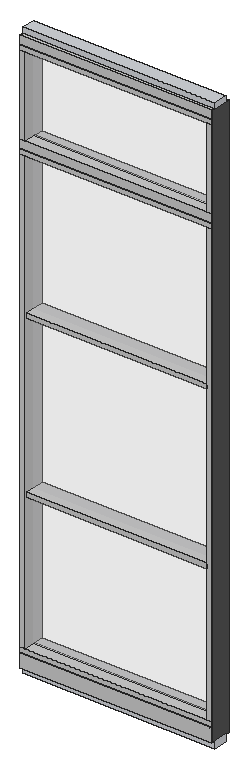
Revit family "Haworth_Enclose_Wall_GlassTransom", category Furniture Systems, Revit 2018
Family settings
  Round Connector Dimension = Use Diameter
  Part Type = Normal
  OmniClass Number = 23.25.40.14
  OmniClass Title = Demountable Partitions
  Work Plane-Based = No
  Always vertical = Yes
  Cut with Voids When Loaded = No
  Shared = Yes
  Room Calculation Point = No
Parameters (values of type "36" x 108"")
  Warranty = "http://www.haworth.com/resources/product-info/warranties"
  URL - Product = "http://www.haworth.com/products/architectural-interiors/moveable-walls/enclose"
  Type Comments = ""
  Sustainability Info = "http://www.haworth.com/company-info/sustainablility"
  Model = "Haworth - Enclose"  # constant formula
  Glass Finish = Haworth _ Glass _ Clear
  Frame Finish = Haworth _ Metal _ Brushed Aluminum
  End of Run Finish = Haworth _ Polymer _ Black
  Description = "Wall Glass Transom"  # constant formula
  Ceiling Mount = yes
  Panel Height 2 = Actual Height - Actual Glass Panel Height - Horizontal Transom Frame Width - Horizontal Top Adjuster Width - Horizontal Frame Width  # 14"
  Material Options = "http://surfaces.haworth.com/haworth-surface-collection"
  Width = 36"
  Vertical Frame Width = 0.875"  # constant formula
  URL = "www.haworth.com"
  Size = "Verify Final Dim. w/ Haworth"  # constant formula
  Revision Number = "3"  # constant formula
  Panel Width = Actual Width - (2 * Vertical Frame Width) - (2 * End of Run Width)  # 33.94"
  Panel Height 1 = Actual Glass Panel Height - Horizontal Bottom Adjuster Width - Horizontal Frame Width  # 83.255"
  Panel Depth = 0.4"  # constant formula
  Muntin Width = 0.875"  # constant formula
  Min/Max Width = "8-60 in."  # constant formula
  Min/Max Height = "92-144 in."  # constant formula
  Min. Spacing Between Muntins = 8"  # constant formula
  Muntin Note = "Bottom Muntin is Muntin 1"  # constant formula
  Horizontal Transom Frame Width = 2.5"  # constant formula
  Horizontal Top Trim Width = 1.43"  # constant formula
  Horizontal Top Adjuster Width = Cap Height + Horizontal Top Trim Width + 0.195"  # 2.625"
  Horizontal Bottom Adjuster Width = Base Height + Horizontal Bottom Trim Width + 0.195"  # 3.87"
  Glass Offset = Horizontal Bottom Adjuster Width + Horizontal Frame Width  # 4.745"
  Min. Width = 8"  # constant formula
  Max. Width = 60"  # constant formula
  Min. Height = 92"  # constant formula
  Max. Height = 144"  # constant formula
  Manufacturer = "Haworth"  # constant formula
  Horizontal Frame Width = 0.875"  # constant formula
  Horizontal Bottom Trim Width = 2.425"  # constant formula
  Height = 108"
  End of Run Width = 0.155"  # constant formula
  Frame Depth = 4"  # constant formula
  End of Run Right Width [instance] = if(End of Run Right, 1.845", End of Run Width)  # 0.155"
  End of Run Right [instance] = no
  End of Run Left Width [instance] = if(End of Run Left, 1.845", End of Run Width)  # 0.155"
  End of Run Left [instance] = no
  Cap Height = 1"  # constant formula
  Base Height = 1.25"  # constant formula
  Author = "SHAPE Environments, LLC"  # constant formula
  Assembly Code = "C1010200"
  Actual Width = if(Width < Min. Width, Min. Width, if(Width > Max. Width, Max. Width, Width))  # 36"
  Actual Height = if(Height < Min. Height, Min. Height, if(Height > Max. Height, Max. Height, Height))  # 108"
  Actual AFF Muntin 2 = if(AFF Muntin 2 < Actual AFF Muntin 1 + 8", Actual AFF Muntin 1 + 8", if(and(# of Muntins = 2, AFF Muntin 2 > Actual Glass Panel Height - (Muntin Width) - 8"), Actual Glass Panel Height - (Muntin Width) - 8", AFF Muntin 2))  # 60"
  Actual AFF Muntin 1 = if(AFF Muntin 1 < Horizontal Bottom Adjuster Width + 8", Horizontal Bottom Adjuster Width + 8", if(and(# of Muntins = 2, AFF Muntin 1 > Actual Glass Panel Height - (Muntin Width) - 16"), Actual Glass Panel Height - (Muntin Width) - 16", if(and(# of Muntins = 1, AFF Muntin 1 > Actual Glass Panel Height - (Muntin Width) - 8"), Actual Glass Panel Height - (Muntin Width) - 8", AFF Muntin 1)))  # 30"
  Actual # of Muntins = if(# of Muntins > Max # of Muntins, Max # of Muntins, # of Muntins)  # 2
  AFF Muntin 2 = 60"
  AFF Muntin 1 = 30"
  Max # of Muntins = 2  # constant formula
  Transom Panel Height = Actual Height - Actual Glass Panel Height  # 20"
  Glass Panel Height = 88"
  Actual Glass Panel Height = if(Glass Panel Height < 80.59" + Base Height, 80.59" + Base Height, if(Glass Panel Height > Actual Height - Cap Height - 8", Actual Height - Cap Height - 8", Glass Panel Height))  # 88"
  # of Muntins = 2
  Too Many Muntins = or(and(Actual # of Muntins = 0, # of Muntins > 0), (# of Muntins > 2))  # no
Types (7): name | Width | Panel Width | Actual Width
  36" x 108" | 36" | 33.94" | 36"
  24" x 108" | 24" | 21.94" | 24"
  30" x 108" | 30" | 27.94" | 30"
  42" x 108" | 42" | 39.94" | 42"
  48" x 108" | 48" | 45.94" | 48"
  54" x 108" | 54" | 51.94" | 54"
  60" x 108" | 60" | 57.94" | 60"
Reference planes (in)
  plane 1 "Center F/B": y = -0.17786
  plane 2: z = 0
  plane 3 "Center L/R": x = -2.36364
  plane 4 "Left": x = -20.36364
  plane 5 "Right": x = 15.63636
  plane 6 "Top": z = 108
  plane 7 "Back": y = 1.82214
  plane 8 "Front": y = -2.17786
  plane 9 "Left Frame Outside": x = -20.20864
  plane 10 "Left Frame Inside": x = -19.33364
  plane 11 "Right Frame Outside": x = 15.48136
  plane 12 "Right Frame Inside": x = 14.60636
  plane 13 "End of Run Right": x = 15.63636
  plane 14 "End of Run Left": x = -20.36364
  plane 15 "Top Frame Outside": z = 105.375
  plane 16 "Top Trim Outside": z = 107
  plane 17 "Top Frame Inside": z = 104.5
  plane 18 "Bottom Frame Outside": z = 3.87
  plane 19 "Bottom Adjuster": z = 1.25
  plane 20 "Bottom Frame Inside": z = 4.745
  plane 21 "Transition Frame": z = 88
  plane 22 "Panel Transition": z = 87.125
  plane 23 "Transition Trim": z = 89.625
Forms (in)
  Sweep 1, solid, material "Haworth _ Polymer _ Black" <- "End of Run Finish"
    path origin (0, -0.17786, 0) x (1, 0, 0) y (0, 0, 1)
      loop
        line (-20.20864, 107) -> (-20.20864, 1.25)
    profile "Haworth_Enclose - Postcap : Left" origin (-20.20864, -0.17786, 54.125) x (1, 0, 0) y (0, -1, 0)
      loop
        line (0, 1.805) -> (-0.155, 1.805) -> (-0.155, -1.805) -> (0, -1.805) -> (0, 1.805)
  Sweep 2, solid, material "Haworth _ Polymer _ Black" <- "End of Run Finish"
    path origin (0, -0.17786, 0) x (1, 0, 0) y (0, 0, 1)
      loop
        line (15.48136, 107) -> (15.48136, 1.25)
    profile "Haworth_Enclose - Postcap : Right" origin (15.48136, -0.17786, 54.125) x (1, 0, 0) y (0, -1, 0)
      loop
        line (0, 1.805) -> (0, -1.805) -> (0.155, -1.805) -> (0.155, 1.805) -> (0, 1.805)
  Sweep 3, solid, material "Haworth _ Metal _ Brushed Aluminum" <- "Frame Finish"
    path origin (0, -0.17786, 0) x (1, 0, 0) y (0, 0, 1)
      loop
        line (-20.20864, 87.125) -> (-20.20864, 4.745)
    profile "Haworth_Enclose - Vertical_Frame : Vertical" origin (-20.20864, -0.17786, 45.935) x (1, 0, 0) y (0, -1, 0)
      loop
        line (0, 2) -> (0, -2) -> (0.875, -2) -> (0.875, 2) -> (0, 2)
  Sweep 4, solid, material "Haworth _ Metal _ Brushed Aluminum" <- "Frame Finish"
    path origin (0, -0.17786, 0) x (1, 0, 0) y (0, 0, 1)
      loop
        line (15.48136, 87.125) -> (15.48136, 4.745)
    profile "Haworth_Enclose - Vertical_Frame : Vertical" origin (15.48136, -0.17786, 45.935) x (1, 0, 0) y (0, -1, 0)
      loop
        line (0, 2) -> (-0.875, 2) -> (-0.875, -2) -> (0, -2) -> (0, 2)
  Sweep 5, solid, material "Haworth _ Metal _ Brushed Aluminum" <- "Frame Finish"
    path origin (0, -0.17786, 0) x (1, 0, 0) y (0, 0, 1)
      loop
        line (15.48136, 104.5) -> (-20.20864, 104.5)
    profile "Haworth_Enclose - Horizontal_Frame : Horizontal" origin (-2.36364, -0.17786, 104.5) x (0, 0, -1) y (0, -1, 0)
      loop
        line (0, 2) -> (-0.875, 2) -> (-0.875, -2) -> (0, -2) -> (0, 2)
  Sweep 6, solid, material "Haworth _ Metal _ Brushed Aluminum" <- "Frame Finish"
    path origin (0, -0.17786, 0) x (1, 0, 0) y (0, 0, 1)
      loop
        line (-20.20864, 107) -> (15.48136, 107)
    profile "Haworth_Enclose - Horizontal_Trim : Top" origin (-2.36364, -0.17786, 107) x (0, 0, 1) y (0, -1, 0)
      loop
        line (0, 2) -> (-1.43, 2) -> (-1.43, 1.805) -> (-1.625, 1.805) -> (-1.625, -1.805) -> (-1.43, -1.805) -> (-1.43, -2) -> (0, -2) -> (0, 2)
  Sweep 7, solid, visible <- "Ceiling Mount"
    path origin (0, -0.17786, 0) x (1, 0, 0) y (0, 0, 1)
      loop
        line (-20.36364, 108) -> (15.63636, 108)
    profile "Haworth_Enclose - Horizontal_Track : Ceiling" origin (-2.36364, -0.17786, 108) x (0, 0, 1) y (0, -1, 0)
      loop
        line (0, 1.28) -> (-1, 1.28) -> (-1, -1.28) -> (0, -1.28) -> (0, 1.28)
  Sweep 8, solid
    path origin (0, -0.17786, 0) x (1, 0, 0) y (0, 0, 1)
      loop
        line (15.63636, 0) -> (-20.36364, 0)
    profile "Haworth_Enclose - Horizontal_Track : Base" origin (-2.36364, -0.17786, 0) x (0, 0, -1) y (0, -1, 0)
      loop
        line (0, 1.28) -> (-1.25, 1.28) -> (-1.25, -1.28) -> (0, -1.28) -> (0, 1.28)
  Sweep 9, solid, material "Haworth _ Metal _ Brushed Aluminum" <- "Frame Finish"
    path origin (0, -0.17786, 0) x (1, 0, 0) y (0, 0, 1)
      loop
        line (-20.20864, 4.745) -> (15.48136, 4.745)
    profile "Haworth_Enclose - Horizontal_Frame : Horizontal" origin (-2.36364, -0.17786, 4.745) x (0, 0, 1) y (0, -1, 0)
      loop
        line (0, 2) -> (-0.875, 2) -> (-0.875, -2) -> (0, -2) -> (0, 2)
  Sweep 10, solid, material "Haworth _ Metal _ Brushed Aluminum" <- "Frame Finish"
    path origin (0, -0.17786, 0) x (1, 0, 0) y (0, 0, 1)
      loop
        line (15.48136, 1.25) -> (-20.20864, 1.25)
    profile "Haworth_Enclose - Horizontal_Trim : Bottom" origin (-2.36364, -0.17786, 1.25) x (0, 0, -1) y (0, -1, 0)
      loop
        line (0, 2) -> (-2.425, 2) -> (-2.425, 1.805) -> (-2.62, 1.805) -> (-2.62, -1.805) -> (-2.425, -1.805) -> (-2.425, -2) -> (0, -2) -> (0, 2)
  Sweep 11, solid, material "Haworth _ Metal _ Brushed Aluminum" <- "Frame Finish"
    path origin (0, -0.17786, 0) x (1, 0, 0) y (0, 0, 1)
      loop
        line (-20.20864, 87.125) -> (15.48136, 87.125)
    profile "Haworth_Enclose - Horizontal_Frame : Horizontal" origin (-2.36364, -0.17786, 87.125) x (0, 0, 1) y (0, -1, 0)
      loop
        line (0, 2) -> (0, -2) -> (0.875, -2) -> (0.875, 2) -> (0, 2)
  Sweep 12, solid, material "Haworth _ Metal _ Brushed Aluminum" <- "Frame Finish"
    path origin (0, -0.17786, 0) x (1, 0, 0) y (0, 0, 1)
      loop
        line (-20.20864, 89.625) -> (-20.20864, 104.5)
    profile "Haworth_Enclose - Vertical_Frame : Vertical" origin (-20.20864, -0.17786, 97.0625) x (-1, 0, 0) y (0, -1, 0)
      loop
        line (0, 2) -> (-0.875, 2) -> (-0.875, -2) -> (0, -2) -> (0, 2)
  Sweep 13, solid, material "Haworth _ Metal _ Brushed Aluminum" <- "Frame Finish"
    path origin (0, -0.17786, 0) x (1, 0, 0) y (0, 0, 1)
      loop
        line (-20.20864, 89.625) -> (15.48136, 89.625)
    profile "Haworth_Enclose - Horizontal_Trim : Transom" origin (-2.36364, -0.17786, 89.625) x (0, 0, 1) y (0, -1, 0)
      loop
        line (0, 2) -> (-1.43, 2) -> (-1.43, 1.805) -> (-1.625, 1.805) -> (-1.625, -1.805) -> (-1.43, -1.805) -> (-1.43, -2) -> (0, -2) -> (0, 2)
  Sweep 14, solid, material "Haworth _ Metal _ Brushed Aluminum" <- "Frame Finish"
    path origin (0, -0.17786, 0) x (1, 0, 0) y (0, 0, 1)
      loop
        line (15.48136, 89.625) -> (15.48136, 104.5)
    profile "Haworth_Enclose - Vertical_Frame : Vertical" origin (15.48136, -0.17786, 97.0625) x (-1, 0, 0) y (0, -1, 0)
      loop
        line (0, 2) -> (0, -2) -> (0.875, -2) -> (0.875, 2) -> (0, 2)
Lines and regions (in)
  Masking region 1
    outline origin (0, 0, 0) x (1, 0, 0) y (0, 1, 0)
      loop
        line (-20.36364, 1.82214) -> (-20.36364, -2.17786) -> (15.63636, -2.17786) -> (15.63636, 1.82214) -> (-20.36364, 1.82214)
  symbolic lines, style "Haworth", detail levels medium+fine
    curve 1: line (14.60636, 1.82214, 0) -> (14.60636, -2.17786, 0)
    curve 2: line (14.60636, -0.37786, 0) -> (-19.33364, -0.37786, 0)
    curve 3: line (14.60636, 0.02214, 0) -> (-19.33364, 0.02214, 0)
    curve 4: line (-19.33364, -2.17786, 0) -> (-19.33364, 1.82214, 0)
Dimensions and locks (in)
  equal spacing: plane 4 "Left", plane 3 "Center L/R", plane 5 "Right"
  "Actual Width": plane 4 "Left" to plane 5 "Right"
  "End of Run Width": plane 4 "Left" to plane 9 "Left Frame Outside"
  "Vertical Frame Width": plane 9 "Left Frame Outside" to plane 10 "Left Frame Inside"
  "End of Run Width": plane 11 "Right Frame Outside" to plane 5 "Right"
  "End of Run Right Width": plane 11 "Right Frame Outside" to plane 13 "End of Run Right"
  "End of Run Left Width": plane 14 "End of Run Left" to plane 9 "Left Frame Outside"
  "Vertical Frame Width": plane 12 "Right Frame Inside" to plane 11 "Right Frame Outside"
  equal spacing: plane 7 "Back", plane 1 "Center F/B", plane 8 "Front"
  "Frame Depth": plane 7 "Back" to plane 8 "Front"
  "Actual Height": plane 6 "Top" to level
  "Cap Height": plane 6 "Top" to plane 16 "Top Trim Outside"
  "Horizontal Frame Width": plane 15 "Top Frame Outside" to plane 17 "Top Frame Inside"
  "Base Height": plane 19 "Bottom Adjuster" to level
  "Horizontal Frame Width": plane 20 "Bottom Frame Inside" to plane 18 "Bottom Frame Outside"
  "Horizontal Bottom Adjuster Width": plane 18 "Bottom Frame Outside" to plane 2
  "Horizontal Top Adjuster Width": plane 6 "Top" to plane 15 "Top Frame Outside"
  "Horizontal Frame Width": plane 21 "Transition Frame" to plane 22 "Panel Transition"
  "Horizontal Transom Frame Width": plane 23 "Transition Trim" to plane 22 "Panel Transition"
  "Actual Glass Panel Height": plane 21 "Transition Frame" to plane 2
  aligned and locked: Sweep 1 sketch curve to plane 9 "Left Frame Outside"
  aligned and locked: Sweep 2 sketch curve to plane 11 "Right Frame Outside"
  aligned and locked: Sweep 3 sketch curve to plane 9 "Left Frame Outside"
  aligned and locked: plane 20 "Bottom Frame Inside" to Sweep 3 sketch curve
  aligned and locked: Sweep 4 sketch curve to plane 11 "Right Frame Outside"
  aligned and locked: plane 20 "Bottom Frame Inside" to Sweep 4 sketch curve
  aligned and locked: plane 3 "Center L/R" to nested 1
  aligned and locked: plane 1 "Center F/B" to nested 1
  aligned and locked: nested 1 to plane 20 "Bottom Frame Inside"
  aligned and locked: curve 1 to Sweep 4
  aligned and locked: nested 1 to curve 2
  aligned and locked: nested 1 to curve 3
  aligned and locked: curve 4 to Sweep 3
  aligned and locked: plane 17 "Top Frame Inside" to Sweep 5 sketch curve
  aligned and locked: plane 9 "Left Frame Outside" to Sweep 5 sketch curve
  aligned and locked: plane 11 "Right Frame Outside" to Sweep 5 sketch curve
  aligned and locked: Sweep 6 sketch curve to plane 16 "Top Trim Outside"
  aligned and locked: plane 11 "Right Frame Outside" to Sweep 6 sketch curve
  aligned and locked: plane 9 "Left Frame Outside" to Sweep 6 sketch curve
  aligned and locked: plane 13 "End of Run Right" to Sweep 7 sketch curve
  aligned and locked: plane 14 "End of Run Left" to Sweep 7 sketch curve
  aligned and locked: plane 14 "End of Run Left" to Sweep 8 sketch curve
  aligned and locked: plane 13 "End of Run Right" to Sweep 8 sketch curve
  aligned and locked: Sweep 9 sketch curve to plane 20 "Bottom Frame Inside"
  aligned and locked: plane 11 "Right Frame Outside" to Sweep 9 sketch curve
  aligned and locked: plane 9 "Left Frame Outside" to Sweep 9 sketch curve
  aligned and locked: plane 19 "Bottom Adjuster" to Sweep 10 sketch curve
  aligned and locked: plane 9 "Left Frame Outside" to Sweep 10 sketch curve
  aligned and locked: plane 11 "Right Frame Outside" to Sweep 10 sketch curve
  aligned and locked: plane 2 to Sweep 8 sketch curve
  aligned and locked: Sweep 7 sketch curve to plane 6 "Top"
  aligned and locked: Masking region 1 sketch curve to plane 7 "Back"
  aligned and locked: plane 8 "Front" to Masking region 1 sketch curve
  aligned and locked: plane 19 "Bottom Adjuster" to Sweep 1 sketch curve
  aligned and locked: plane 16 "Top Trim Outside" to Sweep 1 sketch curve
  aligned and locked: plane 16 "Top Trim Outside" to Sweep 2 sketch curve
  aligned and locked: plane 19 "Bottom Adjuster" to Sweep 2 sketch curve
  aligned and locked: Sweep 11 sketch curve to plane 22 "Panel Transition"
  aligned and locked: plane 11 "Right Frame Outside" to Sweep 11 sketch curve
  aligned and locked: plane 9 "Left Frame Outside" to Sweep 11 sketch curve
  aligned and locked: plane 22 "Panel Transition" to Sweep 3 sketch curve
  aligned and locked: plane 22 "Panel Transition" to Sweep 4 sketch curve
  aligned and locked: plane 9 "Left Frame Outside" to Sweep 12 sketch curve
  aligned and locked: plane 17 "Top Frame Inside" to Sweep 12 sketch curve
  aligned and locked: Sweep 13 sketch curve to plane 23 "Transition Trim"
  aligned and locked: plane 11 "Right Frame Outside" to Sweep 13 sketch curve
  aligned and locked: plane 9 "Left Frame Outside" to Sweep 13 sketch curve
  aligned and locked: plane 23 "Transition Trim" to Sweep 12 sketch curve
  aligned and locked: plane 11 "Right Frame Outside" to Sweep 14 sketch curve
  aligned and locked: plane 17 "Top Frame Inside" to Sweep 14 sketch curve
  aligned and locked: plane 23 "Transition Trim" to Sweep 14 sketch curve
  aligned and locked: plane 3 "Center L/R" to nested 2
  aligned and locked: plane 1 "Center F/B" to nested 2
  aligned and locked: nested 2 to plane 23 "Transition Trim"
  aligned and locked: Masking region 1 to plane 14 "End of Run Left"
  aligned and locked: plane 13 "End of Run Right" to Masking region 1
Automatic sketch dimensions
  curve 1 to plane 8 "Front" = 0"
  curve 1 to plane 7 "Back" = 0"
  curve 4 to plane 8 "Front" = 0"
  curve 4 to plane 7 "Back" = 0"
  Masking region 1 sketch curve to plane 4 "Left" = 0"
  plane 5 "Right" to Masking region 1 sketch curve = 0"
Nested families (in)
  nested 1: "Haworth_Enclose - Panel_Glass_Muntins" at (-3.54385, -0.14763, 4.745), type "Glass"
    with Panel Height 83.255", Panel Depth 0.4", Offset 4.745", Muntin 2 Height 55.255", Muntin 1 Height 25.255", AFF Muntin 2 60", AFF Muntin 1 30"
  nested 2: "Haworth_Enclose - Panel_Glass" at (-3.54385, -0.14763, 89.625), type "Haworth_Enclose - Panel_Glass"
    with Panel Width 33.94", Panel Height 14", Panel Depth 0.4"
Definition of nested family "Haworth_Enclose - Panel_Glass_Muntins"
  Parameters
    URL = "www.haworth.com"
    Revision Number = "1"  # constant formula
    Revision Date = ""
    Panel Width = 33.94"
    Panel Height = 99.75"
    Panel Finish = none
    Panel Depth = 0.5"
    Offset = 4.75"
    Muntin Width = 0.875"  # constant formula
    Muntin Finish = none
    Muntin Depth = 3.765"  # constant formula
    Muntin 2 Height = AFF Muntin 2 - Offset  # 43.25"
    Muntin 2 = or(# of Muntins > 1)  # yes
    Muntin 1 Height = AFF Muntin 1 - Offset  # 19.25"
    Muntin 1 = or(# of Muntins > 0)  # yes
    Manufacturer = "Haworth"  # constant formula
    Author = "SHAPE Environment, LLC"  # constant formula
    Assembly Code = ""
    AFF Muntin 2 = 48"
    AFF Muntin 1 = 24"
    # of Muntins = 2
  Reference planes (in)
    plane 1 "Center F/B": y = -0.03024
    plane 2: z = 0
    plane 3 "Center L/R": x = 1.1802
    plane 4 "Left": x = -15.7898
    plane 5 "Right": x = 18.1502
    plane 6 "Back": y = 0.21976
    plane 7 "Front": y = -0.28024
    plane 8 "Top": z = 99.75
    plane 9: z = 72.765
    plane 10: z = 54.765
    plane 11: z = 19.25
    plane 12: z = 43.25
  Forms (in)
    Extrusion 1, solid, material <- "Panel Finish"
      sketch origin (0, -0.03024, 0) x (1, 0, 0) y (0, 0, 1)
        loop
          line (-15.7898, 99.75) -> (-15.7898, 0) -> (18.1502, 0) -> (18.1502, 99.75) -> (-15.7898, 99.75)
      from -0.25 to 0.25
    Sweep 2, solid, material <- "Muntin Finish", visible <- "Muntin 1"
      path origin (0, -0.03024, 0) x (1, 0, 0) y (0, 0, 1)
        loop
          line (-15.7898, 19.25) -> (18.1502, 19.25)
      profile "Haworth_Lifespace - Muntin : Muntin" origin (1.1802, -0.03024, 19.25) x (0, 0, 1) y (0, -1, 0)
        loop
          line (0, 1.8825) -> (0, -1.8825) -> (0.875, -1.8825) -> (0.875, 1.8825) -> (0, 1.8825)
    Sweep 3, solid, material <- "Muntin Finish", visible <- "Muntin 2"
      path origin (0, -0.03024, 11) x (1, 0, 0) y (0, 0, 1)
        loop
          line (-15.7898, 32.25) -> (18.1502, 32.25)
      profile "Haworth_Lifespace - Muntin : Muntin" origin (1.1802, -0.03024, 43.25) x (0, 0, 1) y (0, -1, 0)
        loop
          line (0, 1.8825) -> (0, -1.8825) -> (0.875, -1.8825) -> (0.875, 1.8825) -> (0, 1.8825)
  Dimensions and locks (in)
    "Panel Height": plane 8 "Top" to level
    equal spacing: plane 6 "Back", plane 1 "Center F/B", plane 7 "Front"
    "Panel Depth": plane 6 "Back" to plane 7 "Front"
    equal spacing: plane 4 "Left", plane 3 "Center L/R", plane 5 "Right"
    "Panel Width": plane 4 "Left" to plane 5 "Right"
    "Muntin 1 Height": plane 11 to level
    "Muntin 2 Height": plane 12 to level
    locked: plane 10 to level at 54.765
    locked: plane 9 to level at 72.765
    aligned and locked: plane 4 "Left" to Extrusion 1 sketch curve
    aligned and locked: Extrusion 1 sketch curve to plane 8 "Top"
    aligned and locked: level to Extrusion 1 sketch curve
    aligned and locked: Extrusion 1 sketch curve to plane 5 "Right"
    aligned and locked: plane 6 "Back" to Extrusion 1
    aligned and locked: Extrusion 1 to plane 7 "Front"
    aligned and locked: Sweep 2 sketch curve to plane 11
    aligned and locked: plane 4 "Left" to Sweep 2 sketch curve
    aligned and locked: plane 5 "Right" to Sweep 2 sketch curve
    aligned and locked: Sweep 3 sketch curve to plane 12
    aligned and locked: plane 4 "Left" to Sweep 3 sketch curve
    aligned and locked: plane 5 "Right" to Sweep 3 sketch curve
Definition of nested family "Haworth_Enclose - Panel_Glass"
  Parameters
    Panel Width = 36"
    Panel Height = 108"
    Panel Finish = none
    Panel Depth = 0.5"
  Reference planes (in)
    plane 1 "Center F/B": y = -0.03024
    plane 2: z = 0
    plane 3 "Center L/R": x = 1.1802
    plane 4 "Left": x = -16.8198
    plane 5 "Right": x = 19.1802
    plane 6 "Back": y = 0.21976
    plane 7 "Front": y = -0.28024
    plane 8 "Top": z = 108
  Forms (in)
    Extrusion 1, solid, material <- "Panel Finish"
      sketch origin (0, -0.03024, 0) x (1, 0, 0) y (0, 0, 1)
        loop
          line (-16.8198, 108) -> (-16.8198, 0) -> (19.1802, 0) -> (19.1802, 108) -> (-16.8198, 108)
      from -0.25 to 0.25
  Dimensions and locks (in)
    "Panel Height": plane 8 "Top" to level
    equal spacing: plane 6 "Back", plane 1 "Center F/B", plane 7 "Front"
    "Panel Depth": plane 6 "Back" to plane 7 "Front"
    equal spacing: plane 4 "Left", plane 3 "Center L/R", plane 5 "Right"
    "Panel Width": plane 4 "Left" to plane 5 "Right"
    aligned and locked: plane 4 "Left" to Extrusion 1 sketch curve
    aligned and locked: Extrusion 1 sketch curve to plane 8 "Top"
    aligned and locked: level to Extrusion 1 sketch curve
    aligned and locked: Extrusion 1 sketch curve to plane 5 "Right"
    aligned and locked: plane 6 "Back" to Extrusion 1
    aligned and locked: Extrusion 1 to plane 7 "Front"
